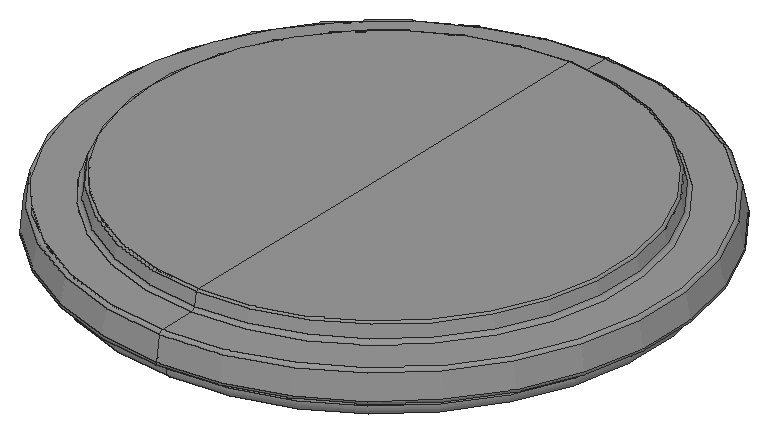
Revit family "FMK13_63_UN_Surface-mounted_ETK", category Lighting Fixtures, Revit 2017 (continued)
Definition of nested family "FMK.1 - Lightsource"
  Types (13, lengths in mm): name | Wattage Comments | Photometric Web File | built-in parameter 1150142 | Apparent Load
    FMK.1129.10 - Ø250x48 / 12W | "12W" | "FMK.1129.10.ies" | "IESNA:LM-63-2002\r\n[TEST] /2015\r\n[TESTLAB] ies2eulumdat.appspot.com\r\n[ISSUEDATE] 2021-06-16T09:00:21.829\r\n[MANUFAC] www.etk.nl\r\n[LUMCAT] FMK.1109.10\r\n[LUMINAIRE] FMK.1 LED 12W 3000/4000/5700K ø250 niet dimbaar\r\n[LAMPCAT] LED\r\n[LAMP] LED\r\nTILT=NONE\r\n1\t1150\t1\t46\t180\t1\t2\t-0.250\t-0.250\t0\r\n1.0\t1.0\t11.80\r\n0\t 2\t 4\t 6\t 8\t 10\t 12\t 14\t 16\t 18\r\n20\t 22\t 24\t 26\t 28\t 30\t 32\t 34\t 36\t 38\r\n40\t 42\t 44\t 46\t 48\t 50\t 52\t 54\t 56\t 58\r\n60\t 62\t 64\t 66\t 68\t 70\t 72\t 74\t 76\t 78\r\n80\t 82\t 84\t 86\t 88\t 90\r\n0\t 2\t 4\t 6\t 8\t 10\t 12\t 14\t 16\t 18\r\n20\t 22\t 24\t 26\t 28\t 30\t 32\t 34\t 36\t 38\r\n40\t 42\t 44\t 46\t 48\t 50\t 52\t 54\t 56\t 58\r\n60\t 62\t 64\t 66\t 68\t 70\t 72\t 74\t 76\t 78\r\n80\t 82\t 84\t 86\t 88\t 90\t 92\t 94\t 96\t 98\r\n100\t 102\t 104\t 106\t 108\t 110\t 112\t 114\t 116\t 118\r\n120\t 122\t 124\t 126\t 128\t 130\t 132\t 134\t 136\t 138\r\n140\t 142\t 144\t 146\t 148\t 150\t 152\t 154\t 156\t 158\r\n160\t 162\t 164\t 166\t 168\t 170\t 172\t 174\t 176\t 178\r\n180\t 182\t 184\t 186\t 188\t 190\t 192\t 194\t 196\t 198\r\n200\t 202\t 204\t 206\t 208\t 210\t 212\t 214\t 216\t 218\r\n220\t 222\t 224\t 226\t 228\t 230\t 232\t 234\t 236\t 238\r\n240\t 242\t 244\t 246\t 248\t 250\t 252\t 254\t 256\t 258\r\n260\t 262\t 264\t 266\t 268\t 270\t 272\t 274\t 276\t 278\r\n280\t 282\t 284\t 286\t 288\t 290\t 292\t 294\t 296\t 298\r\n300\t 302\t 304\t 306\t 308\t 310\t 312\t 314\t 316\t 318\r\n320\t 322\t 324\t 326\t 328\t 330\t 332\t 334\t 336\t 338\r\n340\t 342\t 344\t 346\t 348\t 350\t 352\t 354\t 356\t 358\r\n\r\n405.3384\t404.7765\t404.2265\t402.9975\t401.1013\t399.2051\t395.3191\t391.4331\t387.5471\t383.661\r\n379.7751\t373.4779\t367.169\t360.8717\t354.5746\t348.2657\t339.7094\t331.1415\t322.5852\t314.029\r\n305.461\t294.8096\t284.1582\t273.5069\t262.8555\t252.2041\t239.7267\t227.261\t214.7837\t202.3181\r\n189.8525\t177.3751\t164.9094\t152.432\t139.9664\t127.4891\t0\t0\t0\t0\r\n0\t0\t0\t0\t0\t0\r\n405.3384\t404.7925\t404.2577\t403.0448\t401.1686\t399.2994\t395.4335\t391.5606\t387.7102\t383.8203\r\n379.9334\t373.6444\t367.3443\t361.0453\t354.7325\t348.4388\t339.8983\t331.3616\t322.8117\t314.2627\r\n305.722\t295.0872\t284.4404\t273.8022\t263.1576\t252.5163\t240.0548\t227.5873\t215.131\t202.664\r\n190.1945\t177.7378\t165.2697\t152.8012\t140.3312\t128.1946\t0.3296\t0\t0\t0\r\n0\t0\t0\t0\t0\t0\r\n405.3384\t404.8094\t404.2892\t403.0935\t401.2796\t399.4809\t395.6213\t391.7396\t387.8385\t383.9437\r\n380.072\t373.802\t367.5085\t361.2065\t354.9129\t348.6531\t340.137\t331.5961\t323.0451\t314.5012\r\n305.9895\t295.3818\t284.734\t274.0862\t263.4264\t252.8071\t240.376\t227.9231\t215.4572\t202.995\r\n190.53\t178.0631\t165.6056\t153.1389\t140.6717\t129.4859\t1.3419\t0\t0\t0\r\n0\t0\t0\t0\t0\t0\r\n405.3384\t404.8271\t404.3209\t403.1488\t401.3532\t399.5783\t395.7291\t391.8382\t387.9181\t384.0265\r\n380.1901\t373.9544\t367.6616\t361.3486\t355.0482\t348.8012\t340.3437\t331.8018\t323.2501\t314.6929\r\n306.2129\t295.662\t285.012\t274.3604\t263.7094\t253.1247\t240.74\t228.2758\t215.8122\t203.3491\r\n190.8749\t178.4127\t165.9503\t153.4898\t141.027\t131.3458\t3.1025\t0\t0\t0\r\n0\t0\t0\t0\t0\t0\r\n405.3384\t404.8458\t404.3591\t403.1978\t401.4167\t399.6486\t395.7816\t391.8937\t388.0038\t384.1068\r\n380.2987\t374.1143\t367.817\t361.5156\t355.2003\t348.9967\t340.5979\t332.043\t323.4957\t314.942\r\n306.4955\t295.9896\t285.3021\t274.6328\t263.9659\t253.4202\t241.0823\t228.6129\t216.1591\t203.6915\r\n191.2234\t178.7558\t166.3001\t153.8352\t141.371\t133.6544\t5.718\t0\t0\t0\r\n0\t0\t0\t0\t0\t0\r\n405.3384\t404.8652\t404.3908\t403.2459\t401.4706\t399.6646\t395.8675\t391.9843\t388.0857\t384.1821\r\n380.4316\t374.3456\t368.0256\t361.7021\t355.3697\t349.2\t340.8799\t332.2872\t323.6935\t315.0968\r\n306.6804\t296.3012\t285.6181\t274.9391\t264.248\t253.707\t241.4578\t228.9766\t216.4988\t204.0245\r\n191.5571\t179.0864\t166.6186\t154.1544\t141.6922\t136.24\t9.3369\t0\t0\t0\r\n0\t0\t0\t0\t0\t0\r\n405.3384\t404.8854\t404.4219\t403.2933\t401.5055\t399.7186\t395.9651\t392.0842\t388.1903\t384.3067\r\n380.5784\t374.5562\t368.2162\t361.8639\t355.4958\t349.3364\t341.1183\t332.5123\t323.9013\t315.2964\r\n306.9063\t296.6299\t285.9122\t275.1976\t264.4831\t253.9575\t241.8218\t229.3201\t216.8328\t204.3396\r\n191.8483\t179.3695\t166.8926\t154.4222\t141.9565\t138.8551\t14.1501\t0\t0\t0\r\n0\t0\t0\t0\t0\t0\r\n405.3384\t404.9066\t404.4521\t403.3398\t401.5506\t399.7766\t396.0731\t392.2029\t388.3231\t384.3922\r\n380.6589\t374.7488\t368.3792\t361.9898\t355.5837\t349.4181\t341.3685\t332.7528\t324.1099\t315.4532\r\n307.0598\t296.9581\t286.2249\t275.4731\t264.7159\t254.1799\t242.1928\t229.6762\t217.1659\t204.6692\r\n192.1717\t179.6758\t167.1817\t154.6978\t142.2295\t141.3105\t20.401\t0\t0\t0\r\n0\t0\t0\t0\t0\t0\r\n405.3384\t404.9688\t404.4817\t403.3908\t401.5946\t399.8358\t396.2032\t392.3475\t388.4203\t384.4425\r\n380.7195\t374.9437\t368.5473\t362.1238\t355.6851\t349.5134\t341.9282\t332.9785\t324.3069\t315.6402\r\n306.9436\t297.5694\t286.5262\t275.7395\t264.9593\t254.1623\t242.7912\t230.0358\t217.5005\t204.986\r\n192.4711\t179.9636\t167.4644\t154.9748\t142.4941\t143.2492\t28.3764\t0\t0\t0\r\n0\t0\t0\t0\t0\t0\r\n405.3384\t404.9901\t404.5102\t403.434\t401.6375\t399.8986\t396.3675\t392.4653\t388.4946\t384.4886\r\n380.7515\t375.1532\t368.7296\t362.2829\t355.7949\t349.2691\t342.1908\t333.257\t324.528\t315.7751\r\n307.0363\t297.9246\t286.8722\t276.0236\t265.1733\t254.3419\t243.18\t230.433\t217.8766\t205.3224\r\n192.7845\t180.2462\t167.7206\t155.2142\t142.724\t144.3059\t38.4235\t0\t0\t0\r\n0\t0\t0\t0\t0\t0\r\n405.3384\t405.0108\t404.5376\t403.4745\t401.6757\t399.9613\t396.5103\t392.5677\t388.5717\t384.5293\r\n380.4421\t375.6788\t368.9428\t362.4278\t355.8852\t349.3419\t342.4468\t333.4846\t324.7196\t315.9401\r\n307.1422\t298.1755\t287.1691\t276.2852\t265.4162\t254.5351\t243.54\t230.8321\t218.2158\t205.6051\r\n193.0422\t180.5018\t167.9628\t155.4439\t142.9509\t130.4715\t80.1717\t0\t0\t0\r\n0\t0\t0\t0\t0\t0\r\n405.3384\t405.0308\t404.5638\t403.5122\t401.7197\t400.0344\t396.6479\t392.675\t388.642\t384.5539\r\n380.446\t375.8849\t369.1475\t362.5941\t356.0076\t349.3402\t342.606\t333.7678\t324.9507\t316.0958\r\n307.1888\t298.3823\t287.5427\t276.5987\t265.6547\t254.6769\t243.7733\t231.1892\t218.5583\t205.9536\r\n193.3574\t180.7795\t168.2176\t155.6732\t143.1664\t130.6811\t92.6587\t0\t0\t0\r\n0\t0\t0\t0\t0\t0\r\n405.3384\t405.0504\t404.5956\t403.547\t401.7653\t400.0733\t397.0342\t392.7846\t388.7175\t384.6009\r\n380.4658\t376.0643\t369.3866\t362.7735\t356.0799\t349.3699\t342.7566\t334.0832\t325.1628\t316.2179\r\n307.2752\t298.5357\t287.9146\t276.8913\t265.8705\t254.8646\t244.0337\t231.6235\t218.9315\t206.265\r\n193.6356\t181.0339\t168.4572\t155.9156\t143.3861\t130.8825\t104.473\t0\t0\t0\r\n0\t0\t0\t0\t0\t0\r\n405.3384\t405.0692\t404.6173\t403.5726\t401.812\t400.0922\t397.1653\t392.8976\t388.795\t384.6787\r\n380.4567\t376.1942\t369.6246\t362.9226\t356.2055\t349.4272\t342.8367\t334.3769\t325.3805\t316.3703\r\n307.3625\t298.3377\t288.5546\t277.2123\t266.1258\t255.0391\t244.1559\t232.0335\t219.3073\t206.6258\r\n193.9576\t181.3129\t168.7045\t156.1324\t143.5875\t131.0872\t115.0185\t0\t0\t0\r\n0\t0\t0\t0\t0\t0\r\n405.3384\t405.0876\t404.6362\t403.6022\t401.8688\t399.828\t397.2783\t392.9976\t388.9023\t384.7385\r\n380.4432\t376.2623\t369.8607\t363.1303\t356.3361\t349.4819\t342.5273\t334.9205\t325.6274\t316.563\r\n307.4647\t298.325\t288.8953\t277.552\t266.3836\t255.2249\t244.066\t232.6598\t219.71\t206.9637\r\n194.2635\t181.5828\t168.9417\t156.3369\t143.7678\t131.2452\t123.6219\t0\t0\t0\r\n0\t0\t0\t0\t0\t0\r\n405.3384\t405.1054\t404.6527\t403.6299\t401.9954\t399.8313\t397.3825\t393.1311\t389.0376\t384.7914\r\n380.4256\t376.2601\t370.1442\t363.3441\t356.5\t349.5195\t342.4467\t335.1645\t325.9313\t316.7695\r\n307.548\t298.3169\t289.1161\t277.9297\t266.651\t255.4032\t244.1853\t232.9715\t220.1319\t207.3312\r\n194.5444\t181.8166\t169.148\t156.5181\t143.9438\t131.4005\t129.5504\t10.7169\t0\t0\r\n0\t0\t0\t0\t0\t0\r\n405.3384\t405.1227\t404.6665\t403.6558\t402.0282\t399.8387\t397.4732\t393.2952\t389.1616\t384.8421\r\n380.4176\t375.9014\t370.721\t363.6037\t356.6569\t349.5494\t342.4061\t335.3294\t326.2421\t316.9739\r\n307.6665\t298.3454\t289.1781\t278.2878\t266.963\t255.6467\t244.3238\t233.1536\t220.5163\t207.6577\r\n194.8355\t182.0686\t169.3482\t156.6677\t144.0408\t131.4715\t131.8453\t25.923\t0\t0\r\n0\t0\t0\t0\t0\t0\r\n405.3384\t405.1396\t404.6776\t403.6776\t402.0538\t399.8619\t397.5341\t393.5083\t389.2881\t384.8846\r\n380.4261\t375.832\t370.9139\t363.9038\t356.8028\t349.6355\t342.4017\t335.332\t326.5796\t317.2212\r\n307.8198\t298.3417\t288.8594\t278.9905\t267.339\t255.8866\t244.4302\t233.0061\t221.1259\t208.0094\r\n195.1274\t182.2902\t169.5075\t156.7928\t144.1389\t131.538\t118.9821\t72.5747\t0\t0\r\n0\t0\t0\t0\t0\t0\r\n405.3384\t405.1559\t404.686\t403.7113\t402.0482\t399.882\t397.6063\t393.7003\t389.4083\t384.9648\r\n380.4586\t375.7543\t371.0891\t364.165\t357.0131\t349.7518\t342.4103\t334.9484\t327.1548\t317.4999\r\n307.9709\t298.3923\t288.8332\t279.2321\t267.7019\t256.1485\t244.593\t233.049\t221.4516\t208.379\r\n195.4187\t182.5259\t169.6952\t156.9157\t144.2105\t131.5685\t118.9925\t91.6472\t0\t0\r\n0\t0\t0\t0\t0\t0\r\n405.3384\t405.1718\t404.6918\t403.7304\t402.0748\t399.9057\t397.6713\t393.8957\t389.5114\t385.088\r\n380.4979\t375.7076\t371.0587\t364.4889\t357.2386\t349.9042\t342.4218\t334.8539\t327.2884\t317.8216\r\n308.1836\t298.5219\t288.784\t279.2695\t268.1369\t256.4569\t244.7869\t233.1079\t221.6219\t208.7797\r\n195.7476\t182.7712\t169.842\t157.0084\t144.2669\t131.5897\t118.9856\t106.3522\t0\t0\r\n0\t0\t0\t0\t0\t0\r\n405.3384\t405.1872\t404.677\t403.7455\t402.1069\t399.9332\t397.7438\t394.3242\t389.6719\t385.2237\r\n380.5442\t375.6807\t370.6129\t365.0631\t357.5309\t350.0674\t342.4859\t334.7817\t327.2448\t318.4473\r\n308.4635\t298.6371\t288.784\t278.8955\t268.7927\t256.8209\t244.9966\t233.2361\t221.4851\t209.3772\r\n196.0586\t182.9925\t170.014\t157.1221\t144.303\t131.5659\t118.922\t115.4507\t0.7529\t0\r\n0\t0\t0\t0\t0\t0\r\n405.3384\t405.2023\t404.5924\t403.7567\t402.1445\t399.9518\t397.5215\t394.4699\t389.8906\t385.382\r\n380.6063\t375.6074\t370.4961\t365.1827\t357.8531\t350.2794\t342.5728\t334.767\t326.8088\t318.7303\r\n308.7717\t298.8224\t288.8326\t278.8036\t268.8778\t257.2662\t245.3121\t233.3885\t221.4719\t209.6291\r\n196.4163\t183.2663\t170.1886\t157.217\t144.3317\t131.5459\t118.8227\t106.1876\t17.4697\t0\r\n0\t0\t0\t0\t0\t0\r\n405.3384\t405.217\t404.5944\t403.7643\t402.2164\t399.9969\t397.5215\t394.5348\t390.1198\t385.5481\r\n380.6842\t375.579\t370.3695\t365.1761\t358.5091\t350.5396\t342.7377\t334.7731\t326.7113\t318.7291\r\n309.1553\t299.0695\t288.9289\t278.7193\t268.5571\t257.9194\t245.6422\t233.5555\t221.5159\t209.6959\r\n196.8141\t183.564\t170.3986\t157.3153\t144.3298\t131.4311\t118.6433\t105.963\t65.2493\t0\r\n0\t0\t0\t0\t0\t0\r\n405.3384\t405.2314\t404.597\t403.7683\t402.259\t400.1387\t397.5142\t394.6254\t390.3718\t385.7346\r\n380.7618\t375.6336\t370.2359\t364.7113\t358.7633\t350.8369\t342.942\t334.8576\t326.6208\t318.2983\r\n309.7123\t299.3766\t289.0811\t278.7695\t268.3526\t258.0866\t246.0418\t233.822\t221.6258\t209.5032\r\n197.3492\t183.8918\t170.5912\t157.4067\t144.3357\t131.3476\t118.48\t105.7362\t86.9291\t0\r\n0\t0\t0\t0\t0\t0\r\n405.3384\t405.2454\t404.6007\t403.7691\t402.2969\t400.2013\t397.5194\t394.7022\t390.8756\t385.9297\r\n380.8283\t375.6809\t370.2029\t364.5257\t358.7975\t351.2443\t343.1931\t334.9798\t326.6184\t318.1094\r\n309.6994\t299.7814\t289.3562\t278.8261\t268.235\t257.6488\t246.725\t234.1375\t221.8235\t209.5282\r\n197.4412\t184.2693\t170.8692\t157.5318\t144.3183\t131.2485\t118.3192\t105.4985\t99.8452\t0\r\n0\t0\t0\t0\t0\t0\r\n405.3384\t405.2465\t404.6055\t403.7327\t402.33\t400.28\t397.5374\t394.7758\t391.1064\t386.1222\r\n380.9814\t375.6963\t370.1916\t364.3689\t358.3019\t351.8681\t343.551\t335.1761\t326.6651\t318.0094\r\n309.224\t300.3263\t289.676\t278.9673\t268.2109\t257.4449\t246.79\t234.5954\t222.0662\t209.6096\r\n197.2538\t184.796\t171.1111\t157.6776\t144.3725\t131.1929\t118.1378\t105.2239\t92.4606\t7.417\r\n0\t0\t0\t0\t0\t0\r\n405.3384\t405.26\t404.6117\t403.7331\t402.3583\t400.3318\t397.5727\t394.5667\t391.2865\t386.3445\r\n381.2477\t375.7985\t370.1959\t364.244\t358.0878\t351.9228\t343.9437\t335.4465\t326.8059\t317.9911\r\n309.0489\t300.2024\t290.2985\t279.2004\t268.2951\t257.2789\t246.344\t235.2056\t222.4167\t209.7955\r\n197.2042\t184.8605\t171.4948\t157.9091\t144.4487\t131.1247\t117.9609\t104.9565\t92.1149\t52.9313\r\n0\t0\t0\t0\t0\t0\r\n405.3384\t405.2736\t404.6193\t403.7351\t402.3811\t400.3748\t397.6302\t394.5872\t391.3781\t386.8119\r\n381.4951\t375.9993\t370.2514\t364.1293\t357.9116\t351.3889\t344.5079\t335.822\t327.0416\t318.0736\r\n308.9557\t299.6921\t290.3569\t279.5927\t268.421\t257.3226\t246.1\t234.903\t222.8814\t210.0311\r\n197.2958\t184.6475\t172.0079\t158.165\t144.5452\t131.0796\t117.7978\t104.7315\t91.8426\t76.8551\r\n0\t0\t0\t0\t0\t0\r\n405.3384\t405.2871\t404.6284\t403.7382\t402.383\t400.4092\t397.8019\t394.6157\t391.382\t386.9759\r\n381.7537\t376.2214\t370.3501\t364.1175\t357.7917\t351.1064\t344.4201\t336.5393\t327.3814\t318.2587\r\n308.9705\t299.4656\t289.8818\t280.0753\t268.8078\t257.4031\t245.984\t234.5829\t223.2864\t210.4452\r\n197.4796\t184.6232\t171.8738\t158.4916\t144.6856\t131.1101\t117.7175\t104.5034\t91.5471\t87.0893\r\n0\t0\t0\t0\t0\t0\r\n405.3384\t405.3008\t404.6392\t403.7418\t402.3989\t400.4352\t397.8747\t394.6614\t391.0674\t387.1128\r\n382.2229\t376.4632\t370.4832\t364.2203\t357.7251\t350.8963\t343.8101\t336.6669\t327.8215\t318.561\r\n309.1145\t299.4337\t289.6313\t279.6987\t269.4041\t257.6346\t246.0417\t234.3777\t222.7877\t211.0609\r\n197.8041\t184.6956\t171.7174\t158.9026\t144.9461\t131.1605\t117.657\t104.3263\t91.2411\t78.3968\r\n8.6356\t0\t0\t0\t0\t0\r\n405.3384\t405.3146\t404.6518\t403.7453\t402.4116\t400.4333\t397.9374\t394.7255\t391.0189\t387.2362\r\n382.4741\t376.7553\t370.621\t364.3583\t357.712\t350.7498\t343.5434\t336.0689\t328.3754\t318.9975\r\n309.3575\t299.5473\t289.484\t279.3984\t269.2587\t258.261\t246.2079\t234.3624\t222.4746\t210.6739\r\n198.3975\t184.9162\t171.7187\t158.643\t145.2545\t131.3415\t117.6016\t104.16\t90.981\t78.0548\r\n54.1337\t0\t0\t0\t0\t0\r\n405.3384\t405.4889\t404.6945\t403.6712\t402.4205\t400.4506\t397.9834\t394.8928\t390.9998\t386.973\r\n382.6577\t377.3141\t370.8707\t364.5641\t357.7877\t350.7046\t343.3801\t335.7208\t327.8525\t319.6767\r\n309.7968\t299.7787\t289.6134\t279.2245\t268.6962\t258.2578\t246.6038\t234.4814\t222.3847\t210.2821\r\n198.4381\t185.3347\t171.8446\t158.564\t145.4985\t131.5442\t117.6455\t104.0124\t90.7095\t77.7184\r\n71.0115\t0\t0\t0\t0\t0\r\n405.3384\t405.5009\t404.7104\t403.6809\t402.4254\t400.4644\t398.0198\t394.9896\t391.014\t386.9406\r\n382.6666\t377.537\t371.2201\t364.837\t357.9545\t350.7593\t343.2926\t335.5022\t327.46\t319.1538\r\n310.4783\t300.1684\t289.8497\t279.2431\t268.5397\t257.661\t246.8589\t234.8353\t222.4783\t210.092\r\n197.8192\t185.7046\t172.2109\t158.5712\t145.1721\t131.9025\t117.7262\t103.9048\t90.5045\t77.4349\r\n64.724\t0\t0\t0\t0\t0\r\n405.3384\t405.512\t404.7274\t403.6949\t402.4256\t400.4737\t398.0459\t395.0319\t391.1349\t386.9314\r\n382.368\t377.565\t371.7894\t365.1647\t358.2122\t350.925\t343.2805\t335.4297\t327.1908\t318.7224\r\n309.9642\t300.886\t290.2777\t279.5029\t268.5805\t257.4726\t246.2239\t235.0727\t222.7881\t210.1727\r\n197.5617\t185.0625\t172.6371\t158.8143\t145.0846\t131.6118\t117.8827\t103.9322\t90.3265\t77.1744\r\n64.48\t35.0653\t0\t0\t0\t0\r\n405.3384\t405.522\t404.7455\t403.7452\t402.4209\t400.4773\t398.0588\t395.0488\t391.1753\t387.0135\r\n382.3352\t377.2242\t371.9159\t365.7147\t358.5534\t351.2243\t343.4254\t335.4792\t327.0606\t318.4772\r\n309.4696\t300.3065\t290.8705\t280.0089\t268.8629\t257.5392\t246.0377\t234.4621\t222.8965\t210.6316\r\n197.5873\t184.7291\t171.9505\t159.2993\t145.2866\t131.4601\t118.0115\t103.9741\t90.2222\t76.9361\r\n64.1798\t56.618\t0\t0\t0\t0\r\n405.3384\t405.5308\t404.7649\t403.7651\t402.3395\t400.4737\t398.0593\t395.0424\t391.207\t387.0567\r\n382.3506\t377.1527\t371.6378\t365.821\t359.1154\t351.6039\t343.7387\t335.6237\t327.116\t318.3892\r\n309.185\t299.8538\t290.1589\t280.4669\t269.6277\t257.8645\t246.1541\t234.2897\t222.3665\t210.3175\r\n198.0481\t184.7232\t171.6272\t158.6683\t145.768\t131.577\t117.6798\t104.1455\t90.1031\t76.7097\r\n63.9092\t51.7004\t0\t0\t0\t0\r\n405.3384\t405.5388\t404.7856\t403.7878\t402.34\t400.4766\t398.0469\t395.016\t391.2276\t387.086\r\n382.4782\t377.1848\t371.6139\t365.5258\t359.2193\t352.1252\t344.383\t335.9209\t327.3527\t318.4608\r\n309.1505\t299.601\t289.7392\t279.6691\t269.2868\t258.5846\t246.5891\t234.456\t222.2595\t209.9698\r\n197.5743\t185.146\t171.655\t158.2647\t145.101\t132.0467\t117.7168\t103.7776\t90.1162\t76.5416\r\n63.6537\t51.4481\t11.4644\t0\t0\t0\r\n405.3384\t405.5455\t404.8079\t403.8136\t402.3469\t400.3632\t398.021\t394.9736\t391.2361\t387.0991\r\n382.4999\t377.3413\t371.7228\t365.4801\t358.9167\t352.0852\t344.7107\t336.4982\t327.7775\t318.7203\r\n309.3167\t299.5744\t289.5996\t279.3072\t268.7148\t257.8887\t247.047\t235.2639\t222.5436\t209.9771\r\n197.2699\t184.5597\t171.885\t158.2865\t144.6692\t131.337\t118.1829\t103.7905\t89.9666\t76.4265\r\n63.4089\t51.1676\t44.0861\t0\t0\t0\r\n405.3384\t405.5513\t404.9774\t403.8429\t402.3609\t400.3505\t397.8886\t394.8898\t391.2407\t387.0953\r\n382.4979\t377.3824\t371.7634\t365.5989\t358.905\t351.812\t344.4396\t336.63\t328.3847\t319.3177\r\n309.7407\t299.8087\t289.728\t279.2246\t268.459\t257.4328\t246.1417\t234.7065\t223.2024\t210.4254\r\n197.4644\t184.3923\t171.2764\t158.1367\t144.9817\t130.9885\t117.4819\t104.1949\t89.9202\t76.3115\r\n63.1698\t50.8615\t39.4911\t0\t0\t0\r\n405.3384\t405.5559\t404.9992\t403.8756\t402.382\t400.349\t397.8573\t394.7468\t391.2145\t387.0848\r\n382.4587\t377.3893\t371.7642\t365.6347\t359.0468\t351.9462\t344.3869\t336.3706\t328.1386\t319.4674\r\n310.3444\t300.4744\t290.1739\t279.4322\t268.5321\t257.3547\t245.836\t234.1207\t222.3374\t210.1954\r\n198.078\t184.7804\t171.3331\t157.8412\t144.3958\t131.1966\t117.2105\t103.4803\t90.2145\t76.2405\r\n62.9998\t50.5463\t39.207\t5.7837\t0\t0\r\n405.
